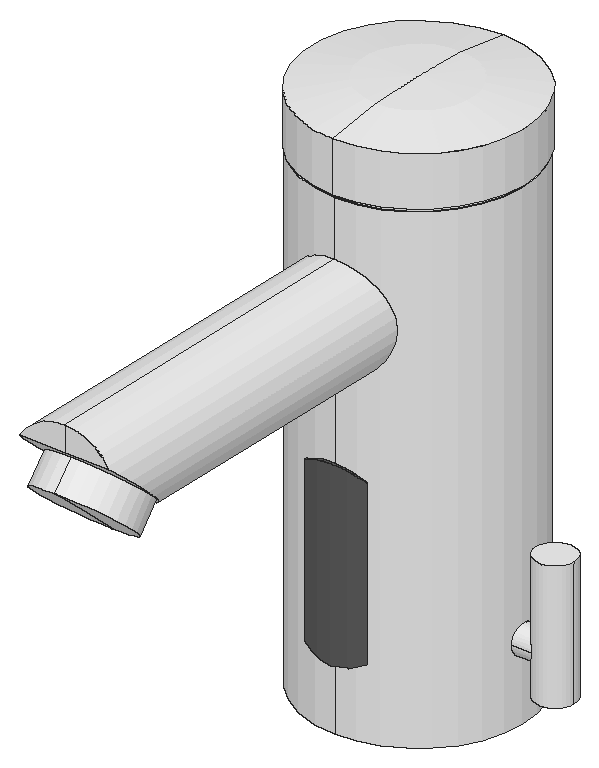
Revit family
Parameters (values of type "EAF-200-ISM")
  Waste Connection = no
  Warranty = "3 Year (Limited)"
  Vent Connection = no
  URL = "http://www.sloanvalve.com/"
  Type Comments = ""
  Revised Date = "17/04/2013"
  Product URL = "http://www.sloanvalve.com/Specifications/Optima_Lino_EAF-200.pdf"
  Price = "Prices may vary. Please consult Sloan Rep for most up-to-date price list."
  Phone # = "416-250-5656"
  Operation = "Sensor-Activated"
  Mounting = "Deck-Mount"
  Model = "EAF-200-ISM"
  Material = Chrome Plated
  Manufacturer = "SLOAN"
  IAPMO Certification = "Low Lead cUPC"
  HW Connection = yes
  Flush Volume(s)/Flow Rate(s) = "0.5 gpm (1.9 Lpm) Multi-Lam; 1.5 gpm (5.6 Lpm) Aerated; 2.2 gpm (8.3 Lpm) Aerated; 2.2 gpm (8.3 Lpm) Laminar"
  Fixture Color = "Not Applicable"
  Finish(es) = "CP, PVDSF, PVDPB, PVDBN"
  Designed By = "ATS BIM Team"
  Description = "Line-powered, sensor-activated, electronic hand washing faucet for hot and cold water operation with integral side mixer. 6 VDC plug-in adapter included."
  Default Elevation = 0' - 0"
  Cost = 0
  CW Connection = yes
  Assembly Code = "D2010"
  ADA Compliant = yes
Reference planes (in)
  plane 1 "Center (Front/Back)": y = 0
  plane 2: z = 0
  plane 3 "Center (Left/Right)": x = 0
  plane 4: y = -4.34375
  plane 5: y = -1.03125
  plane 6: y = 1.03125
  plane 7: z = 5.34375
  plane 8: y = -4.08785
  plane 9: through (0, -4.08785, 3.34375) normal (0, -0.9135, 0.4067)
  plane 10: x = -1.03125
  plane 11: x = 1.03125
  plane 12: x = 1.53125
  plane 13: z = 3.34375
Forms (in)
  Extrusion 1, solid, material "Chrome Plated" <- "Material"
    sketch origin (0.1795, 0, 0.35122) x (1, 0, 0) y (0, 1, 0)
      loop
        circle (1.16425, 0) r 0.1875
    from 0 to 1.25
  Extrusion 2, solid, material "Chrome Plated" <- "Material"
    sketch origin (0.01519, 0, -0.02768) x (0, 1, 0) y (0, 0, 1)
      loop
        circle (0, 0.77768) r 0.13821
    from 0.90007 to 1.23999
  Revolve 3, solid, material "Chrome Plated" <- "Material"
    sketch origin (0, 0, 0.00012) x (0, 1, 0) y (0, 0, 1)
      loop
        line (0, -0.0007) -> (0, 4.71934) -> (-1.03116, 4.71934) -> (-1.03116, -0.0007) -> (0, -0.0007)
      axis (0, 4.71934) -> (0, -0.0007)
    angle from 0 to 360
  Revolve 4, solid, material "Chrome Plated" <- "Material"
    sketch origin (0, 0, 0.00012) x (0, 1, 0) y (0, 0, 1)
      loop
        line (-0.65518, 4.17923) -> (-4.34366, 4.17923) -> (-4.34366, 3.67064) -> (-0.65518, 3.67064) -> (-0.65518, 4.17923)
      axis (-4.34366, 3.67064) -> (-0.65518, 3.67064)
    angle from 0 to 360
  Extrusion 5, solid, material "Chrome Plated" <- "Material"
    sketch origin (0, 0, 0.00012) x (1, 0, 0) y (0, 1, 0)
      loop
        arc (-0.31001, -1.00101) -> (-0.01001, -1.05792) -> (0.28999, -1.00101) r 0.81916
        line (0.28999, -1.00101) -> (0.28999, -0.89182) -> (-0.31001, -0.89182) -> (-0.31001, -1.00101)
    from 0.61209 to 2.38634
  Revolve 6, solid, material "Chrome Plated" <- "Material"
    sketch origin (0, 0, 0.00012) x (0, 1, 0) y (0, 0, 1)
      loop
        line (1.04498, 4.75197) -> (1.04498, 5.24189)
        arc (1.04498, 5.24189) -> (0.52549, 5.32362) -> (0, 5.34363) r 4.45976
        line (0, 5.34363) -> (0, 4.75197) -> (0, 4.71934) -> (1.01363, 4.71934) -> (1.01363, 4.75197) -> (1.04498, 4.75197)
      axis (0, 5.34363) -> (0, 4.71934)
    angle from 0 to 360
  Extrusion 7, void
    sketch origin (0, 0.17716, 0.37512) x (0, 1, 0) y (0, 0, 1)
      loop
        line (-3.63753, 2.78704) -> (-4.52083, 3.55488) -> (-4.52083, 2.78704) -> (-3.63753, 2.78704)
    from -0.68241 to 0.63548
  Extrusion 8, void
    sketch origin (0, 0.00009, 0) x (-1, 0, 0) y (0, 0, 1)
      loop
        line (0.31001, 2.2978) -> (0.31001, 2.45052) -> (-0.28999, 2.45052) -> (-0.28999, 2.2978)
        arc (-0.28999, 2.2978) -> (0.01001, 2.38647) -> (0.31001, 2.2978) r 0.55184
      loop
        arc (0.31001, 0.70088) -> (0.01001, 0.61221) -> (-0.28999, 0.70088) r 0.55184
        line (-0.28999, 0.70088) -> (-0.28999, 0.54815) -> (0.31001, 0.54815) -> (0.31001, 0.70088)
    from -1.20803 to -0.81269
  Revolve 9, solid, material "Chrome Plated" <- "Material"
    sketch origin (0, -0.0531, 0.0436) x (0, 1, 0) y (0, 0, 1)
      loop
        line (-4.05344, 3.26721) -> (-3.75558, 3.60986) -> (-4.10935, 3.91738) -> (-4.40721, 3.57474) -> (-4.05344, 3.26721)
      axis (-3.75558, 3.60986) -> (-4.05344, 3.26721)
    angle from 0 to 360
Cuts and joins
  Extrusion 7 cuts Revolve 4
  Extrusion 8 cuts Extrusion 5
  joined: Extrusion 1, Extrusion 2, Revolve 3, Revolve 4, Extrusion 5, Revolve 6, Revolve 9
Dimensions and locks (in)
  plane 1 "Center (Front/Back)" to plane 4 = 0' - 4 11/32"
  plane 6 to plane 5 = 0' - 2 1/16"
  plane 7 to level = 0' - 5 11/32"
